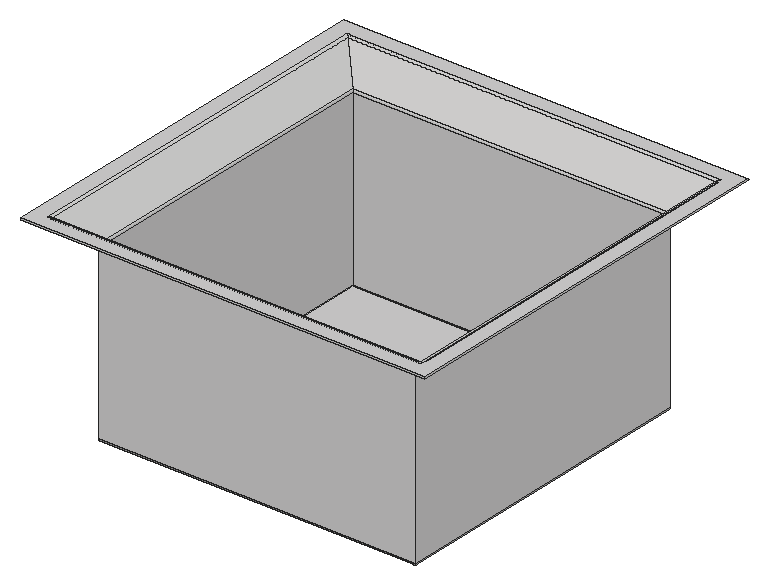
Revit family "Sink-Bar-KOHLER-Poise-K-3391_1", category Plumbing Fixtures, host Face, Revit 2015
Parameters (values of type "NA-Stainless Steel")
  Width = 18"  # constant formula
  WaterSense Certified = 1 = 0  # no
  Waste Water Outlet = "Waste Water Outlet"  # constant formula
  Waste Connection = 1 = 1  # yes
  Vent Connection = 1 = 0  # no
  URL = "https://www.us.kohler.com/us/"
  Product Page URL = "http://www.us.kohler.com/us/catalog/productDetails.jsp?productNumber=3391"
  Product Name = "Poise"  # constant formula
  Product Documentation Link = "https://www.us.kohler.com/webassets/kpna/catalog/pdf/en/K-3391_spec.pdf"
  Model = "K-3391-NA"  # constant formula
  Material = "16-Gauge Stainless Steel"  # constant formula
  MasterFormat 2004 = "22.41.16"  # constant formula
  MasterFormat 1995 = "15410"  # constant formula
  Manufacturer Address = "444 Highland Dr, Kohler, WI 53044"  # constant formula
  Manufacturer = "KOHLER Co."  # constant formula
  Length = 18"  # constant formula
  Hot Water Inlet = "Hot Water Inlet"  # constant formula
  Height = 9 1/2"  # constant formula
  HW Connection = 1 = 0  # no
  Finish = Kohler-Metal-NA-Stainless
  Environmental Product Declaration = ""
  Drain Included = 1 = 0  # no
  Description = "18 inch x 18 inch x 9-1/2 inch under-mount single-bowl bar sink"  # constant formula
  Default Elevation = 36"
  Declare Label = ""
  Date Modified = "4/5/2019"  # constant formula
  Date Created = "4/5/2019"  # constant formula
  Copyright = "Copyright KOHLER Co."  # constant formula
  Contact Us = "https://www.us.kohler.com/us/static/contact.jsp"
  Cold Water Inlet = "Cold Water Inlet"  # constant formula
  CW Connection = 1 = 0  # no
  Assembly Code = "D2010400"
  ADA Compliant = 1 = 1  # yes
Reference planes (in)
  plane 1 "Center (Front/Back)": y = 0
  plane 2: z = 0
  plane 3 "Center (Left/Right)": x = 0
  plane 4: x = -9
  plane 5: y = -9
  plane 6: x = -7
  plane 7: y = 7
  plane 8: x = 9
  plane 9: x = 7
  plane 10: y = 9
  plane 11: y = -7
  plane 12: z = -1
  plane 13: z = -12.9014173
  plane 14: z = -2.3125
  plane 15: z = -10.5
  plane 16: z = -1.06
Forms (in)
  Extrusion 1, void
    sketch origin (0, 0, 0) x (1, 0, 0) y (0, 1, 0)
      loop
        line (9, 9) -> (-9, 9) -> (-9, -9) -> (9, -9) -> (9, 9)
    from -12.9014173 to -1
  Extrusion 2, void
    sketch origin (0, 0, 0) x (1, 0, 0) y (0, 1, 0)
      loop
        line (-8.3294342, -8.3294342) -> (8.3294342, -8.3294342) -> (8.3294342, 8.3294342) -> (-8.3294342, 8.3294342) -> (-8.3294342, -8.3294342)
    from -1.2965135 to 1.3571823
Dimensions and locks (in)
  "Length": plane 4 to plane 8
  "Width": plane 5 to plane 10
  locked: plane 7 to plane 10 at 2
  locked: plane 5 to plane 11 at 2
  locked: plane 4 to plane 6 at 2
  locked: plane 9 to plane 8 at 2
  "Height": plane 12 to plane 15
  locked: plane 12 to plane 13 at 11.9014173
  locked: plane 1 "Center (Front/Back)" to plane 10 at 9
  locked: plane 4 to plane 3 "Center (Left/Right)" at 9
  locked: plane 2 to plane 12 at 1
  locked: plane 12 to plane 14 at 1.3125
  aligned and locked: host face to plane 2
  aligned and locked: host face to level
Automatic sketch dimensions
  host sketch curve to host sketch curve = 96"  (x2)
  Extrusion 1 sketch curve to plane 10 = 0"
  Extrusion 1 sketch curve to plane 5 = 0"
  Extrusion 1 sketch curve to plane 4 = 0"
  Extrusion 1 sketch curve to plane 8 = 0"
  plane 4 to Extrusion 2 sketch curve = 0.67057"
  plane 8 to Extrusion 2 sketch curve = 0.67057"
  Extrusion 2 sketch curve to plane 5 = 0.67057"
  Extrusion 2 sketch curve to plane 10 = 0.67057"
Nested families (in)
  nested 1: "K-3391" at (0, 0, -10.5), type "K-3391"
Connectors (in)
  piping at (0, 0, -12.9014173), diameter 1.5, driven by "Waste Connection", driven by "Waste Water Outlet"
    settings: on nested 1, index 1, connector inside diameter 24", connector length 0", flow factor 0, pipe flow 0 GPM, pressure drop 0.00 psi, fitting loss kfactor 0, connector angle 0.00°, fixture units 0, engagement length 0", angle of deflection 0.00°, flow configuration 0, flow direction 2, fitting loss method 0, system type 16, joint type 0, gender type 0, connector reference index -1, connector utility 1, adjustable connector no, is connector primary yes, connector description "Waste Water Outlet"
Definition of nested family "K-3391"
  Parameters (values of type "K-3391")
    Material = none
  Reference planes (in)
    plane 1 "Center (Front/Back)": y = 0
    plane 2: z = 0
    plane 3 "Center (Left/Right)": x = 0
    plane 4: y = 9
    plane 5: x = -9
    plane 6: y = -9
    plane 7: x = 9
    plane 8: z = 9.5
    plane 9: z = 8.1875
    plane 10: y = 7
    plane 11: y = -7
    plane 12: y = 8.3294342
    plane 13: y = -8.3294342
    plane 14: x = -7
    plane 15: x = 7
    plane 16: x = -8.3294342
    plane 17: x = 8.3294342
    plane 18: z = -2.4014173
    plane 19: z = 9.44
  Forms (in)
    Sweep 1, solid, material <- "Material", detail levels medium+fine
      path origin (0, 0, 0) x (1, 0, 0) y (0, 1, 0)
        loop
          line (8.5, 8.5) -> (-8.5, 8.5) -> (-8.5, -8.5) -> (8.5, -8.5) -> (8.5, 8.5)
      profile origin (0, 8.5, 0) x (0, -1, 0) y (0, 0, 1)
        loop
          line (1.5000001, 0.5295587) -> (1.5000001, 8.1767971)
          arc (1.5000001, 8.1767971) -> (1.4865476, 8.2444276) -> (1.4482379, 8.3017621) r 0.1767272
          line (1.4482379, 8.3017621) -> (0.3034914, 9.4465086)
          arc (0.3034914, 9.4465086) -> (0.2442416, 9.486098) -> (0.1743518, 9.5) r 0.182631
          line (0.1743518, 9.5) -> (-0.5, 9.5) -> (-0.5, 9.44) -> (0.1705658, 9.44)
          arc (0.1705658, 9.44) -> (0.2209924, 9.4299695) -> (0.263742, 9.4014051) r 0.1317711
          line (0.263742, 9.4014051) -> (1.4145709, 8.2505763)
          arc (1.4145709, 8.2505763) -> (1.4333944, 8.2224049) -> (1.4400044, 8.1891744) r 0.0868353
          line (1.4400044, 8.1891744) -> (1.4400044, 0.5271194)
          arc (1.4400044, 0.5271194) -> (1.4657732, 0.4649079) -> (1.5279847, 0.4391391) r 0.0879803
          line (1.5279847, 0.4391391) -> (2.5341672, 0.4391391) -> (2.5341672, 0.499123) -> (1.5304358, 0.499123)
          arc (1.5304358, 0.499123) -> (1.5089145, 0.5080374) -> (1.5000001, 0.5295587) r 0.0304357
    Extrusion 2, solid, material <- "Material", detail levels medium+fine
      sketch origin (0, 0, 0) x (1, 0, 0) y (0, 1, 0)
        loop
          line (5.9658328, 5.9658328) -> (-5.9658328, 5.9658328) -> (-5.9658328, -5.9658328) -> (5.9658328, -5.9658328) -> (5.9658328, 5.9658328)
      from 0.4391391 to 0.499123
    Blend 3, solid, material <- "Material", detail levels medium+fine
      base sketch origin (0, 0, 0) x (1, 0, 0) y (0, 1, 0)
        loop
          arc (-1.6538828, 1.7235642) -> (-2.3885934, 0.0249707) -> (-1.6895542, -1.6886114) r 2.3887239
          arc (-1.6895542, -1.6886114) -> (-0.0047452, -2.3887192) -> (1.6828319, -1.6953107) r 2.3887239
          arc (1.6828319, -1.6953107) -> (2.3887238, -0.0006151) -> (1.6837048, 1.6944439) r 2.3887239
          arc (1.6837048, 1.6944439) -> (0.0208407, 2.388633) -> (-1.6538828, 1.7235642) r 2.3887239
      top sketch origin (0, 0, 0) x (1, 0, 0) y (0, 1, 0)
        loop
          line (7, 7) -> (-7, 7) -> (-7, -7) -> (7, -7) -> (7, 7)
      from 0.2714257 to 0.4575769
    Revolve 4, void
      sketch origin (0, 0, 0) x (0, 1, 0) y (0, 0, 1)
        loop
          arc (1.5729987, 0.2270521) -> (1.7518742, 0.4255195) -> (2.0087172, 0.499123) r 0.4849345
          line (2.0087172, 0.499123) -> (0, 0.499123) -> (0, 0.2270521) -> (1.5729987, 0.2270521)
        axis (0, 0.499123) -> (0, 0.2270521)
      angle from 0 to 360
    Revolve 5, solid, detail levels medium+fine
      sketch origin (0, 0, 0) x (1, 0, 0) y (0, 0, 1)
        loop
          line (-1.6614675, 0.4991718) -> (-1.8216336, 0.4991718)
          arc (-1.8216336, 0.4991718) -> (-1.840108, 0.4806974) -> (-1.8216336, 0.462223) r 0.0184744
          line (-1.8216336, 0.462223) -> (-1.6569288, 0.462223)
          arc (-1.6569288, 0.462223) -> (-1.573744, 0.4290356) -> (-1.5362485, 0.3477017) r 0.1208459
          line (-1.5362485, 0.3477017) -> (-1.5123051, -0.1091654)
          arc (-1.5123051, -0.1091654) -> (-1.4758014, -0.1883481) -> (-1.3948168, -0.2206577) r 0.1176496
          line (-1.3948168, -0.2206577) -> (0, -0.2206577) -> (0, 0.5331388)
          arc (0, 0.5331388) -> (-0.1744486, 0.516505) -> (-0.3387071, 0.4554469) r 0.6737651
          arc (-0.3387071, 0.4554469) -> (-0.3599974, 0.4078576) -> (-0.3189339, 0.3757358) r 0.042308
          line (-0.3189339, 0.3757358) -> (-0.0688113, 0.3757358) -> (-0.0688113, -0.1906577) -> (-1.3913374, -0.1906577)
          arc (-1.3913374, -0.1906577) -> (-1.4531833, -0.1659837) -> (-1.4810602, -0.1055139) r 0.0898459
          line (-1.4810602, -0.1055139) -> (-1.5049672, 0.3506586)
          arc (-1.5049672, 0.3506586) -> (-1.553592, 0.4561338) -> (-1.6614675, 0.4991718) r 0.156715
        axis (0, 0.5331388) -> (0, -0.2206577)
      angle from 0 to 360
    Extrusion 6, void
      sketch origin (0, 0, 0) x (1, 0, 0) y (0, 1, 0)
        loop
          circle (-1.2834999, 0) r 0.0964292
        loop
          circle (-0.9554086, 0) r 0.0976563
        loop
          circle (-0.6262774, 0) r 0.0976563
        loop
          circle (-1.2486508, 0.2867715) r 0.0964292
        loop
          circle (-1.1536021, 0.55679) r 0.0964292
        loop
          circle (-1.001373, 0.797967) r 0.0964292
        loop
          circle (-0.8019081, 1.0013625) r 0.0964292
        loop
          circle (-0.5556345, 1.1523648) r 0.0964292
        loop
          circle (-0.2850539, 1.2458012) r 0.0964292
        loop
          circle (-0.0015114, 1.2765209) r 0.0964292
        loop
          circle (-0.9086476, 0.2952375) r 0.0976563
        loop
          circle (-0.7729418, 0.5615751) r 0.0976563
        loop
          circle (-0.5615751, 0.7729418) r 0.0976563
        loop
          circle (-0.2952375, 0.9086476) r 0.0976563
        loop
          circle (0, 0.9554086) r 0.0976563
        loop
          circle (-0.5423721, 0.3131387) r 0.0976563
        loop
          circle (-0.3131387, 0.5423721) r 0.0976563
        loop
          circle (0, 0.6262774) r 0.0976563
        loop
          circle (1.2834999, 0) r 0.0964292
        loop
          circle (0.9554086, 0) r 0.0976563
        loop
          circle (0.6262774, 0) r 0.0976563
        loop
          circle (1.2486508, 0.2867715) r 0.0964292
        loop
          circle (1.1536021, 0.55679) r 0.0964292
        loop
          circle (1.001373, 0.797967) r 0.0964292
        loop
          circle (0.8019081, 1.0013625) r 0.0964292
        loop
          circle (0.5556345, 1.1523648) r 0.0964292
        loop
          circle (0.2850539, 1.2458012) r 0.0964292
        loop
          circle (0.9086476, 0.2952375) r 0.0976563
        loop
          circle (0.7729418, 0.5615751) r 0.0976563
        loop
          circle (0.5615751, 0.7729418) r 0.0976563
        loop
          circle (0.2952375, 0.9086476) r 0.0976563
        loop
          circle (0.5423721, 0.3131387) r 0.0976563
        loop
          circle (0.3131387, 0.5423721) r 0.0976563
        loop
          circle (-1.2486508, -0.2867715) r 0.0964292
        loop
          circle (-1.1536021, -0.55679) r 0.0964292
        loop
          circle (-1.001373, -0.797967) r 0.0964292
        loop
          circle (-0.8019081, -1.0013625) r 0.0964292
        loop
          circle (-0.5556345, -1.1523648) r 0.0964292
        loop
          circle (-0.2850539, -1.2458012) r 0.0964292
        loop
          circle (-0.0015114, -1.2765209) r 0.0964292
        loop
          circle (-0.9086476, -0.2952375) r 0.0976563
        loop
          circle (-0.7729418, -0.5615751) r 0.0976563
        loop
          circle (-0.5615751, -0.7729418) r 0.0976563
        loop
          circle (-0.2952375, -0.9086476) r 0.0976563
        loop
          circle (0, -0.9554086) r 0.0976563
        loop
          circle (-0.5423721, -0.3131387) r 0.0976563
        loop
          circle (-0.3131387, -0.5423721) r 0.0976563
        loop
          circle (0, -0.6262774) r 0.0976563
        loop
          circle (1.2486508, -0.2867715) r 0.0964292
        loop
          circle (1.1536021, -0.55679) r 0.0964292
        loop
          circle (1.001373, -0.797967) r 0.0964292
        loop
          circle (0.8019081, -1.0013625) r 0.0964292
        loop
          circle (0.5556345, -1.1523648) r 0.0964292
        loop
          circle (0.2850539, -1.2458012) r 0.0964292
        loop
          circle (0.9086476, -0.2952375) r 0.0976563
        loop
          circle (0.7729418, -0.5615751) r 0.0976563
        loop
          circle (0.5615751, -0.7729418) r 0.0976563
        loop
          circle (0.2952375, -0.9086476) r 0.0976563
        loop
          circle (0.5423721, -0.3131387) r 0.0976563
        loop
          circle (0.3131387, -0.5423721) r 0.0976563
      from -0.3248591 to 1.7480369
    Revolve 7, solid, material <- "Material", detail levels medium+fine
      sketch origin (0, 0, 0) x (0, 1, 0) y (0, 0, 1)
        loop
          line (2.311403, 0.2714257) -> (1.5976326, 0.2714257) -> (1.5976326, -0.3920515) -> (0.5948874, -0.3920515) -> (0.5948874, -2.4014173) -> (0.8334621, -2.4014173)
          arc (0.8334621, -2.4014173) -> (0.9143904, -2.3678957) -> (0.947912, -2.2869674) r 0.1144499
          line (0.947912, -2.2869674) -> (0.947912, -1.5713097)
          arc (0.947912, -1.5713097) -> (1.0025605, -1.3897328) -> (1.14835, -1.268481) r 0.3289811
          line (1.14835, -1.268481) -> (1.5345973, -1.1045287)
          arc (1.5345973, -1.1045287) -> (1.645386, -1.0123867) -> (1.6869145, -0.8744025) r 0.25
          line (1.6869145, -0.8744025) -> (1.6869145, -0.2067145)
          arc (1.6869145, -0.2067145) -> (1.729119, -0.05953) -> (1.8429063, 0.0429246) r 0.2777489
          line (1.8429063, 0.0429246) -> (2.311403, 0.2714257)
        axis (0, 0.2714257) -> (0, -2.4014173)
      angle from 0 to 360
    Extrusion 8, solid, material <- "Material", detail levels coarse
      sketch origin (0, 0, 0) x (1, 0, 0) y (0, 1, 0)
        loop
          line (-8.4309967, 8.4309967) -> (-8.4309967, -8.4309967) -> (8.4309967, -8.4309967) -> (8.4309967, 8.4309967) -> (-8.4309967, 8.4309967)
        loop
          line (-8.3020904, -8.3020904) -> (8.3020904, -8.3020904) -> (8.3020904, 8.3020904) -> (-8.3020904, 8.3020904) -> (-8.3020904, -8.3020904)
      from 0.4108102 to 9.5
    Extrusion 9, solid, material <- "Material", detail levels coarse
      sketch origin (0, 0, 0) x (1, 0, 0) y (0, 1, 0)
        loop
          line (-9, 9) -> (-9, -9) -> (9, -9) -> (9, 9) -> (-9, 9)
        loop
          line (-8.3294342, -8.3294342) -> (8.3294342, -8.3294342) -> (8.3294342, 8.3294342) -> (-8.3294342, 8.3294342) -> (-8.3294342, -8.3294342)
      from 9.44 to 9.5
    Extrusion 10, solid, material <- "Material", detail levels coarse
      sketch origin (0, 0, 0) x (1, 0, 0) y (0, 1, 0)
        loop
          circle (0, 0) r 2.3887239
      from -2.4014173 to 0.4108102
    Extrusion 11, solid, material <- "Material", detail levels coarse
      sketch origin (0, 0, 0) x (1, 0, 0) y (0, 1, 0)
        loop
          line (-8.4309967, 8.4309967) -> (-8.4309967, -8.4309967) -> (8.4309967, -8.4309967) -> (8.4309967, 8.4309967) -> (-8.4309967, 8.4309967)
      from 0.4108102 to 0.6139707
  Cuts and joins
    Revolve 4 cuts Extrusion 2
    Revolve 4 cuts Blend 3
    joined: Sweep 1, Extrusion 2, Blend 3, Revolve 7
    Extrusion 6 cuts Revolve 5
    joined: Extrusion 8, Extrusion 9, Extrusion 10, Extrusion 11
  Lines and regions (in)
    Masking region 1
      outline origin (0, 0, 0) x (1, 0, 0) y (0, 1, 0)
        loop
          line (-9, 9) -> (-9, -9) -> (9, -9) -> (9, 9) -> (-9, 9)
    Masking region 2
      outline origin (0, 0, 0) x (0, 1, 0) y (0, 0, 1)
        loop
          line (-9, 9.5) -> (-9, 9.44) -> (-8.3257089, 9.44)
          arc (-8.3257089, 9.44) -> (-8.278724, 9.4306541) -> (-8.2388922, 9.4040393) r 0.1227774
          line (-8.2388922, 9.4040393) -> (-7.083282, 8.2484292)
          arc (-7.083282, 8.2484292) -> (-7.0660475, 8.222636) -> (-7.0599956, 8.1922109) r 0.0795046
          line (-7.0599956, 8.1922109) -> (-7.0599956, 0.5287233)
          arc (-7.0599956, 0.5287233) -> (-7.034886, 0.4665273) -> (-6.9736333, 0.4391973) r 0.089584
          line (-6.9736333, 0.4391973) -> (-2.311403, 0.2714257) -> (-1.8192405, 0.0206563)
          arc (-1.8192405, 0.0206563) -> (-1.7169706, -0.0778513) -> (-1.6869137, -0.2166297) r 0.2438582
          line (-1.6869137, -0.2166297) -> (-1.6869137, -0.8744055)
          arc (-1.6869137, -0.8744055) -> (-1.6453851, -1.0123897) -> (-1.5345965, -1.1045317) r 0.25
          line (-1.5345965, -1.1045317) -> (-1.1544667, -1.2658872)
          arc (-1.1544667, -1.2658872) -> (-1.004228, -1.3908394) -> (-0.9479119, -1.5779575) r 0.3390207
          line (-0.9479119, -1.5779575) -> (-0.9479119, -2.2856247)
          arc (-0.9479119, -2.2856247) -> (-0.913997, -2.3675024) -> (-0.8321193, -2.4014173) r 0.1157926
          line (-0.8321193, -2.4014173) -> (0.8321193, -2.4014173)
          arc (0.8321193, -2.4014173) -> (0.913997, -2.3675024) -> (0.9479119, -2.2856247) r 0.1157926
          line (0.9479119, -2.2856247) -> (0.9479119, -1.5779575)
          arc (0.9479119, -1.5779575) -> (1.004228, -1.3908394) -> (1.1544667, -1.2658872) r 0.3390207
          line (1.1544667, -1.2658872) -> (1.5345965, -1.1045317)
          arc (1.5345965, -1.1045317) -> (1.6453851, -1.0123897) -> (1.6869137, -0.8744055) r 0.25
          line (1.6869137, -0.8744055) -> (1.6869137, -0.2166297)
          arc (1.6869137, -0.2166297) -> (1.7169706, -0.0778513) -> (1.8192405, 0.0206563) r 0.2438582
          line (1.8192405, 0.0206563) -> (2.311403, 0.2714257) -> (6.9736333, 0.4391973)
          arc (6.9736333, 0.4391973) -> (7.034886, 0.4665273) -> (7.0599956, 0.5287233) r 0.089584
          line (7.0599956, 0.5287233) -> (7.0599956, 8.1922109)
          arc (7.0599956, 8.1922109) -> (7.0660475, 8.222636) -> (7.083282, 8.2484292) r 0.0795046
          line (7.083282, 8.2484292) -> (8.2388922, 9.4040393)
          arc (8.2388922, 9.4040393) -> (8.278724, 9.4306541) -> (8.3257089, 9.44) r 0.1227774
          line (8.3257089, 9.44) -> (9, 9.44) -> (9, 9.5) -> (-9, 9.5)
    Masking region 3
      outline origin (0, 0, 0) x (1, 0, 0) y (0, 0, 1)
        loop
          line (9, 9.5) -> (-9, 9.5) -> (-9, 9.44) -> (-8.3257089, 9.44)
          arc (-8.3257089, 9.44) -> (-8.278724, 9.4306541) -> (-8.2388922, 9.4040393) r 0.1227774
          line (-8.2388922, 9.4040393) -> (-7.083282, 8.2484292)
          arc (-7.083282, 8.2484292) -> (-7.0660475, 8.222636) -> (-7.0599956, 8.1922109) r 0.0795046
          line (-7.0599956, 8.1922109) -> (-7.0599956, 0.5287233)
          arc (-7.0599956, 0.5287233) -> (-7.034886, 0.4665273) -> (-6.9736333, 0.4391973) r 0.089584
          line (-6.9736333, 0.4391973) -> (-2.311403, 0.2714257) -> (-1.8192405, 0.0206563)
          arc (-1.8192405, 0.0206563) -> (-1.7169706, -0.0778513) -> (-1.6869137, -0.2166297) r 0.2438582
          line (-1.6869137, -0.2166297) -> (-1.6869137, -0.8744055)
          arc (-1.6869137, -0.8744055) -> (-1.6453851, -1.0123897) -> (-1.5345965, -1.1045317) r 0.25
          line (-1.5345965, -1.1045317) -> (-1.1544667, -1.2658872)
          arc (-1.1544667, -1.2658872) -> (-1.004228, -1.3908394) -> (-0.9479119, -1.5779575) r 0.3390207
          line (-0.9479119, -1.5779575) -> (-0.9479119, -2.2856247)
          arc (-0.9479119, -2.2856247) -> (-0.913997, -2.3675024) -> (-0.8321193, -2.4014173) r 0.1157926
          line (-0.8321193, -2.4014173) -> (0.8321193, -2.4014173)
          arc (0.8321193, -2.4014173) -> (0.913997, -2.3675024) -> (0.9479119, -2.2856247) r 0.1157926
          line (0.9479119, -2.2856247) -> (0.9479119, -1.5779575)
          arc (0.9479119, -1.5779575) -> (1.004228, -1.3908394) -> (1.1544667, -1.2658872) r 0.3390207
          line (1.1544667, -1.2658872) -> (1.5345965, -1.1045317)
          arc (1.5345965, -1.1045317) -> (1.6453851, -1.0123897) -> (1.6869137, -0.8744055) r 0.25
          line (1.6869137, -0.8744055) -> (1.6869137, -0.2166297)
          arc (1.6869137, -0.2166297) -> (1.7169706, -0.0778513) -> (1.8192405, 0.0206563) r 0.2438582
          line (1.8192405, 0.0206563) -> (2.311403, 0.2714257) -> (6.9736333, 0.4391973)
          arc (6.9736333, 0.4391973) -> (7.034886, 0.4665273) -> (7.0599956, 0.5287233) r 0.089584
          line (7.0599956, 0.5287233) -> (7.0599956, 8.1922109)
          arc (7.0599956, 8.1922109) -> (7.0660475, 8.222636) -> (7.083282, 8.2484292) r 0.0795046
          line (7.083282, 8.2484292) -> (8.2388922, 9.4040393)
          arc (8.2388922, 9.4040393) -> (8.278724, 9.4306541) -> (8.3257089, 9.44) r 0.1227774
          line (8.3257089, 9.44) -> (9, 9.44) -> (9, 9.5)
    symbolic lines, detail levels medium+fine
      curve 1: circle (-1.2834999, 0, 0) r 0.0964292 normal (0, 0, 1)
      curve 2: circle (-0.9554086, 0, 0) r 0.0976563 normal (0, 0, 1)
      curve 3: circle (-0.6262774, 0, 0) r 0.0976563 normal (0, 0, 1)
      curve 4: circle (-1.2486508, 0.2867715, 0) r 0.0964292 normal (0, 0, 1)
      curve 5: circle (-1.1536021, 0.55679, 0) r 0.0964292 normal (0, 0, 1)
      curve 6: circle (-1.001373, 0.797967, 0) r 0.0964292 normal (0, 0, 1)
      curve 7: circle (-0.8019081, 1.0013625, 0) r 0.0964292 normal (0, 0, 1)
      curve 8: circle (-0.5556345, 1.1523648, 0) r 0.0964292 normal (0, 0, 1)
      curve 9: circle (-0.2850539, 1.2458012, 0) r 0.0964292 normal (0, 0, 1)
      curve 10: circle (-0.0015114, 1.2765209, 0) r 0.0964292 normal (0, 0, 1)
      curve 11: circle (-0.9086476, 0.2952375, 0) r 0.0976563 normal (0, 0, 1)
      curve 12: circle (-0.7729418, 0.5615751, 0) r 0.0976563 normal (0, 0, 1)
      curve 13: circle (-0.5615751, 0.7729418, 0) r 0.0976563 normal (0, 0, 1)
      curve 14: circle (-0.2952375, 0.9086476, 0) r 0.0976563 normal (0, 0, 1)
      curve 15: circle (0, 0.9554086, 0) r 0.0976563 normal (0, 0, 1)
      curve 16: circle (-0.5423721, 0.3131387, 0) r 0.0976563 normal (0, 0, 1)
      curve 17: circle (-0.3131387, 0.5423721, 0) r 0.0976563 normal (0, 0, 1)
      curve 18: circle (0, 0.6262774, 0) r 0.0976563 normal (0, 0, 1)
      curve 19: circle (1.2834999, 0, 0) r 0.0964292 normal (0, 0, -1)
      curve 20: circle (0.9554086, 0, 0) r 0.0976563 normal (0, 0, -1)
      curve 21: circle (0.6262774, 0, 0) r 0.0976563 normal (0, 0, -1)
      curve 22: circle (1.2486508, 0.2867715, 0) r 0.0964292 normal (0, 0, -1)
      curve 23: circle (1.1536021, 0.55679, 0) r 0.0964292 normal (0, 0, -1)
      curve 24: circle (1.001373, 0.797967, 0) r 0.0964292 normal (0, 0, -1)
      curve 25: circle (0.8019081, 1.0013625, 0) r 0.0964292 normal (0, 0, -1)
      curve 26: circle (0.5556345, 1.1523648, 0) r 0.0964292 normal (0, 0, -1)
      curve 27: circle (0.2850539, 1.2458012, 0) r 0.0964292 normal (0, 0, -1)
      curve 28: circle (0.9086476, 0.2952375, 0) r 0.0976563 normal (0, 0, -1)
      curve 29: circle (0.7729418, 0.5615751, 0) r 0.0976563 normal (0, 0, -1)
      curve 30: circle (0.5615751, 0.7729418, 0) r 0.0976563 normal (0, 0, -1)
      curve 31: circle (0.2952375, 0.9086476, 0) r 0.0976563 normal (0, 0, -1)
      curve 32: circle (0.5423721, 0.3131387, 0) r 0.0976563 normal (0, 0, -1)
      curve 33: circle (0.3131387, 0.5423721, 0) r 0.0976563 normal (0, 0, -1)
      curve 34: circle (-1.2486508, -0.2867715, 0) r 0.0964292 normal (0, 0, -1)
      curve 35: circle (-1.1536021, -0.55679, 0) r 0.0964292 normal (0, 0, -1)
      curve 36: circle (-1.001373, -0.797967, 0) r 0.0964292 normal (0, 0, -1)
      curve 37: circle (-0.8019081, -1.0013625, 0) r 0.0964292 normal (0, 0, -1)
      curve 38: circle (-0.5556345, -1.1523648, 0) r 0.0964292 normal (0, 0, -1)
      curve 39: circle (-0.2850539, -1.2458012, 0) r 0.0964292 normal (0, 0, -1)
      curve 40: circle (-0.0015114, -1.2765209, 0) r 0.0964292 normal (0, 0, -1)
      curve 41: circle (-0.9086476, -0.2952375, 0) r 0.0976563 normal (0, 0, -1)
      curve 42: circle (-0.7729418, -0.5615751, 0) r 0.0976563 normal (0, 0, -1)
      curve 43: circle (-0.5615751, -0.7729418, 0) r 0.0976563 normal (0, 0, -1)
      curve 44: circle (-0.2952375, -0.9086476, 0) r 0.0976563 normal (0, 0, -1)
      curve 45: circle (0, -0.9554086, 0) r 0.0976563 normal (0, 0, -1)
      curve 46: circle (-0.5423721, -0.3131387, 0) r 0.0976563 normal (0, 0, -1)
      curve 47: circle (-0.3131387, -0.5423721, 0) r 0.0976563 normal (0, 0, -1)
      curve 48: circle (0, -0.6262774, 0) r 0.0976563 normal (0, 0, -1)
      curve 49: circle (1.2486508, -0.2867715, 0) r 0.0964292 normal (0, 0, 1)
      curve 50: circle (1.1536021, -0.55679, 0) r 0.0964292 normal (0, 0, 1)
      curve 51: circle (1.001373, -0.797967, 0) r 0.0964292 normal (0, 0, 1)
      curve 52: circle (0.8019081, -1.0013625, 0) r 0.0964292 normal (0, 0, 1)
      curve 53: circle (0.5556345, -1.1523648, 0) r 0.0964292 normal (0, 0, 1)
      curve 54: circle (0.2850539, -1.2458012, 0) r 0.0964292 normal (0, 0, 1)
      curve 55: circle (0.9086476, -0.2952375, 0) r 0.0976563 normal (0, 0, 1)
      curve 56: circle (0.7729418, -0.5615751, 0) r 0.0976563 normal (0, 0, 1)
      curve 57: circle (0.5615751, -0.7729418, 0) r 0.0976563 normal (0, 0, 1)
      curve 58: circle (0.2952375, -0.9086476, 0) r 0.0976563 normal (0, 0, 1)
      curve 59: circle (0.5423721, -0.3131387, 0) r 0.0976563 normal (0, 0, 1)
      curve 60: circle (0.3131387, -0.5423721, 0) r 0.0976563 normal (0, 0, 1)
      curve 61: line (-7, 7, 0) -> (7, 7, 0)
      curve 62: line (-8.3294342, 8.3294342, 0) -> (8.3294342, 8.3294342, 0)
      curve 63: line (-8.3294342, -8.3294342, 0) -> (-8.3294342, 8.3294342, 0)
      curve 64: line (-7, -7, 0) -> (-7, 7, 0)
      curve 65: line (-8.3294342, -8.3294342, 0) -> (8.3294342, -8.3294342, 0)
      curve 66: line (-7, -7, 0) -> (7, -7, 0)
      curve 67: line (7, -7, 0) -> (7, 7, 0)
      curve 68: line (8.3294342, -8.3294342, 0) -> (8.3294342, 8.3294342, 0)
      curve 69: circle (0, 0, 0) r 1.8125 normal (0, 0, 1)
      curve 70: circle (0, 0, 0) r 2.311403 normal (0, 0, 1)
      curve 71: circle (0, 0, 0) r 2.3887239 normal (0, 0, 1)
      curve 72: line (8.3294342, 8.3294342, 0) -> (1.6890829, 1.6890829, 0)
      curve 73: line (-8.3294342, 8.3294342, 0) -> (-1.6890829, 1.6890829, 0)
      curve 74: line (8.3294342, -8.3294342, 0) -> (1.6890829, -1.6890829, 0)
      curve 75: line (-8.3294342, -8.3294342, 0) -> (-1.6890829, -1.6890829, 0)
      curve 76: line (0, 8.3257089, 9.44) -> (0, -8.3294342, 9.44)
      curve 77: line (0, -7.0599956, 8.1875) -> (0, 7.0599956, 8.1875)
      curve 78: line (0, 6.9720153, 0.4391391) -> (0, -6.9720153, 0.4391391)
      curve 79: line (0, 2.311403, 0.2714257) -> (0, -2.311403, 0.2714257)
      curve 80: line (0, 1.785706, 0) -> (0, -1.785706, 0)
      curve 81: line (-8.3257089, 0, 9.44) -> (8.3257089, 0, 9.44)
      curve 82: line (7.0599956, 0, 8.1875) -> (-7.0599956, 0, 8.1875)
      curve 83: line (-6.9720153, 0, 0.4391391) -> (6.9720153, 0, 0.4391391)
      curve 84: line (-2.311403, 0, 0.2714257) -> (2.311403, 0, 0.2714257)
      curve 85: line (0, 0, 0) -> (-1.785706, 0, 0)
      curve 86: line (0, 0, 0) -> (1.785706, 0, 0)
  Dimensions and locks (in)
    aligned and locked: plane 2 to level
